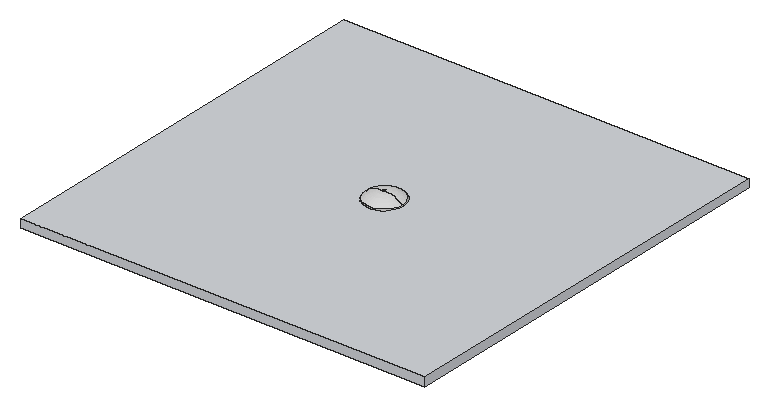
Revit family "Speaker-Ceiling-TOA-F-122 clean", category Communication Devices, host Face, Revit 2013
Parameters (values of type "5"")
  Width = Grille Diameter  # 9.05512"
  Weight Product = 8.16
  Voltage [instance] = 70 V
  URL = "http://www.toaelectronics.com"
  Type Comments = "F-122CU"
  Transformer Option = yes
  Sensitivity = 90
  SPL Measurement Bandwidth = "70 to 20kHz"
  Regulatory Compliance = "UL"
  Product Page URL = "http://www.toaelectronics.com/products/PA-Speakers/ceiling-speakers/f-series-ceiling-speakers/f-122cu-f-122cu2"
  Product Name = "F-122CU"
  Product Documentation Link = "http://www.toaelectronics.com/media/f122cu_sa1e.pdf"
  Power Factor [instance] = 0.9
  Mounting Options = "Ceiling Reinforcement Ring, Tile Bridge, Trim Ring, Surface Back-Can & Safety Wire"  # constant formula
  Model = Product Name  # "F-122CU"
  Maximum Ceiling Thickness = 1.457"  # constant formula
  Manufacturer URL = "http://www.toaelectronics.com"
  Long Term Power Handling = "120 W"
  Length 1 = Grille Radius - 0.11811"  # 4.40945"
  IQ Category = "Speaker"
  Highlight Material = Paint - TOA - White
  Height = 8.70079"
  Grille Radius = Grille Diameter / 2  # 4.52756"
  Operating Weight = 8.16 lbf
  Offset = 0.000"
  Number of Poles [instance] = 2
  Manufacturer = "TOA Electronics Inc."
  Load Classification = Other
  Grille Material = Mesh - TOA - White
  Grille Diameter = 9.05512"
  Grille Height = 1.61417"
  Description = "FULL-RANGE PROCESSED CEILING SPEAKER (5”)"
  Default Elevation = 48.000"
  Coverage Vertical = 180.00°
  Coverage Horizontal = 180.00°
  Clip Length = 0.500"
  Body Radius = Body Diameter / 2  # 3.93701"
  Enclosure Material = Metal - TOA - Steel Plate
  Body Diameter = 7.87402"
  Assembly Code = "E1020300"
  Apparent Load [instance] = 120 VA
  70V Taps = "30W, 15W, 5W, 1.5W & 0.5W"
  25V Taps = "3.7W, 1.9W, 0.6W, 0.2W & 0.06W"
Reference planes (in)
  plane 1 "Center (Front/Back)": y = 0
  plane 2: z = 0
  plane 3 "Center (Left/Right)": x = 0
  plane 4 "Left": x = -4.5275
  plane 5 "Right": x = 4.52762
  plane 6 "Front": y = -4.52756
  plane 7 "Back": y = 4.52756
  plane 8 "Bottom": z = 1.61417
  plane 9 "body left": x = -3.93695
  plane 10 "body right": x = 3.93707
  plane 11 "body front": y = -3.93701
  plane 12 "body back": y = 3.93701
  plane 13 "plate top": z = 0
  plane 14 "bofy top": z = -6.83661
  plane 15 "Speaker CL": x = 0.00006
  plane 16 "support front inside": y = -5.395
  plane 17: x = 0.00006
  plane 18: z = -0.7874
  plane 19 "2d bottom": z = 1.22047
  plane 20 "Top": z = -7.08661
Forms (in)
  Extrusion 1, solid
    sketch origin (0, 0, 0) x (1, 0, 0) y (0, 1, 0)
      loop
        line (-48, 48) -> (-48, -48) -> (48, -48) -> (48, 48) -> (-48, 48)
    from 0 to -2
  Extrusion 2, void
    sketch origin (0, 0, -2) x (0, 1, 0) y (-1, 0, 0)
      loop
        circle (0, -0.00006) r 3.93701
    from -6.202 to 3.61417
  Revolve 3, solid, material "Metal - TOA - Steel Plate" <- "Enclosure Material"
    sketch origin (0, 0, 0) x (1, 0, 0) y (0, 0, 1)
      loop
        line (0.00006, 1.61417) -> (-0.4024, 1.61417)
        arc (-0.4024, 1.61417) -> (-2.52103, 1.2547) -> (-4.4025, 0.21651) r 6.42294
        line (-4.4025, 0.21651) -> (-4.5275, 0) -> (0.00006, 0) -> (0.00006, 1.61417)
      axis (0.00006, 1.61417) -> (0.00006, 0)
    angle from 0 to 360
  Extrusion 4, solid, material "Metal - TOA - Steel Plate" <- "Enclosure Material"
    sketch origin (0, 0, 0) x (1, 0, 0) y (0, 1, 0)
      loop
        line (-3.00931, 0.71409) -> (-3.00931, -0.72433)
        arc (-3.00931, -0.72433) -> (-1.79668, -2.86738) -> (0.66483, -2.93146) r 2.5
        line (0.66483, -2.93146) -> (2.02439, -2.2082)
        arc (2.02439, -2.2082) -> (3.35025, 0.00473) -> (2.01412, 2.21148) r 2.5
        line (2.01412, 2.21148) -> (0.65456, 2.92665)
        arc (0.65456, 2.92665) -> (-1.80166, 2.85415) -> (-3.00931, 0.71409) r 2.5
    from -6.83661 to 0
  Extrusion 5, solid, material "Metal - TOA - Steel Plate" <- "Enclosure Material", detail levels medium+fine
    sketch origin (0, 0, 0) x (1, 0, 0) y (0, 1, 0)
      loop
        circle (0.00006, 0) r 3.93701
    from 0 to -0.7874
  Sweep 6, void
    path in 3D
      loop
        arc (2.01412, 2.21148, -6.83661) -> (3.35025, 0.00473, -6.83661) -> (2.02439, -2.2082, -6.83661) r 2.5
        line (2.02439, -2.2082, -6.83661) -> (0.66483, -2.93146, -6.83661)
        arc (0.66483, -2.93146, -6.83661) -> (-1.79668, -2.86738, -6.83661) -> (-3.00931, -0.72433, -6.83661) r 2.5
        line (-3.00931, -0.72433, -6.83661) -> (-3.00931, 0.71409, -6.83661)
        arc (-3.00931, 0.71409, -6.83661) -> (-1.80166, 2.85415, -6.83661) -> (0.65456, 2.92665, -6.83661) r 2.5
        line (0.65456, 2.92665, -6.83661) -> (2.01412, 2.21148, -6.83661)
    profile origin (1.33434, 2.56907, -6.83661) x (-0.465546, -0.885024, 0) y (0, 0, -1)
      loop
        line (0, 0) -> (0, -0.59055)
        arc (0, -0.59055) -> (0.17297, -0.17297) -> (0.59055, 0) r 0.59055
        line (0.59055, 0) -> (0, 0)
  Extrusion 7, solid, material "Metal - TOA - Steel Plate" <- "Enclosure Material", detail levels fine
    sketch origin (0.00006, 0, -6.83661) x (0.5, 0.866025, 0) y (0, 0, 1)
      loop
        line (2, 0) -> (2, -0.15)
        arc (2, -0.15) -> (1.98536, -0.18536) -> (1.95, -0.2) r 0.05
        line (1.95, -0.2) -> (1.75, -0.2) -> (1.75, -0.25) -> (1.95, -0.25)
        arc (1.95, -0.25) -> (2.02071, -0.22071) -> (2.05, -0.15) r 0.1
        line (2.05, -0.15) -> (2.05, 0) -> (2, 0)
    from -0.25 to 0.25
Cuts and joins
  Sweep 6 cuts Extrusion 4
Lines and regions (in)
  Masking region 1, detail levels medium+fine
    outline origin (0, 0, 1.514) x (-1, 0, 0) y (0, -1, 0)
      loop
        circle (-0.00006, 0) r 4.52756
  Masking region 2
    outline origin (0, 0, -6.83661) x (-1, 0, 0) y (0, -1, 0)
      loop
        circle (-0.00006, 0) r 3.93701
  Masking region 3
    outline origin (0, 0, 0) x (1, 0, 0) y (0, 0, 1)
      loop
        line (-3.00931, 0) -> (-3.00931, -6.24606)
        arc (-3.00931, -6.24606) -> (-2.83634, -6.66365) -> (-2.41876, -6.83661) r 0.59055
        line (-2.41876, -6.83661) -> (2.75971, -6.83661)
        arc (2.75971, -6.83661) -> (3.17729, -6.66365) -> (3.35026, -6.24606) r 0.59055
        line (3.35026, -6.24606) -> (3.35026, 0) -> (4.52762, 0) -> (4.40262, 0.21651)
        arc (4.40262, 0.21651) -> (0.00006, 1.6612) -> (-4.4025, 0.21651) r 7.43052
        line (-4.4025, 0.21651) -> (-4.5275, 0) -> (-3.00931, 0)
  Masking region 4
    outline origin (0.00006, 0, 0) x (0, 1, 0) y (0, 0, 1)
      loop
        line (3.21409, 0) -> (4.52756, 0) -> (4.40256, 0.21651)
        arc (4.40256, 0.21651) -> (0, 1.6612) -> (-4.40256, 0.21651) r 7.43052
        line (-4.40256, 0.21651) -> (-4.52756, 0) -> (-3.22433, 0) -> (-3.22433, -6.24606)
        arc (-3.22433, -6.24606) -> (-3.05136, -6.66365) -> (-2.63378, -6.83661) r 0.59055
        line (-2.63378, -6.83661) -> (2.62354, -6.83661)
        arc (2.62354, -6.83661) -> (3.04113, -6.66365) -> (3.21409, -6.24606) r 0.59055
        line (3.21409, -6.24606) -> (3.21409, 0)
  Masking region 5, detail levels medium+fine
    outline origin (0, 0, 0) x (1, 0, 0) y (0, 0, 1)
      loop
        line (-3.93695, 0) -> (-3.93695, -0.7874) -> (3.93707, -0.7874) -> (3.93707, 0) -> (-3.93695, 0)
  Masking region 6, detail levels medium+fine
    outline origin (0.00006, 0, 0) x (0, 1, 0) y (0, 0, 1)
      loop
        line (3.93701, 0) -> (-3.93701, 0) -> (-3.93701, -0.7874) -> (3.93701, -0.7874) -> (3.93701, 0)
  Masking region 7, detail levels medium+fine
    outline origin (0, 0, 1.22047) x (0, -1, 0) y (1, 0, 0)
      loop
        circle (0, 0.00006) r 4.52756
  Masking region 8, detail levels fine
    outline origin (0, 0, 0) x (1, 0, 0) y (0, 0, 1)
      loop
        line (0.78355, -6.83661) -> (0.78355, -7.03661) -> (0.65855, -7.03661) -> (0.65855, -7.08661) -> (1.24157, -7.08661) -> (1.24157, -6.83661) -> (0.78355, -6.83661)
  Masking region 9, detail levels fine
    outline origin (0.00006, 0, 0) x (0, 1, 0) y (0, 0, 1)
      loop
        line (1.90035, -6.83661) -> (1.60705, -6.83661) -> (1.60705, -7.03661) -> (1.39054, -7.03661) -> (1.39054, -7.08661) -> (1.90035, -7.08661) -> (1.90035, -6.83661)
  sketch lines
    curve 1: line (0.65456, 2.92665, -6.83661) -> (2.01412, 2.21148, -6.83661)
    curve 2: arc (0.65456, 2.92665, -6.83661) -> (-1.80166, 2.85415, -6.83661) -> (-3.00931, 0.71409, -6.83661) r 2.5
    curve 3: line (-3.00931, -0.72433, -6.83661) -> (-3.00931, 0.71409, -6.83661)
    curve 4: arc (-3.00931, -0.72433, -6.83661) -> (-1.79668, -2.86738, -6.83661) -> (0.66483, -2.93146, -6.83661) r 2.5
    curve 5: line (2.02439, -2.2082, -6.83661) -> (0.66483, -2.93146, -6.83661)
    curve 6: arc (2.02439, -2.2082, -6.83661) -> (3.35025, 0.00473, -6.83661) -> (2.01412, 2.21148, -6.83661) r 2.5
  symbolic lines, detail levels medium+fine
    curve 7: line (2.01412, 2.21148, -6.83661) -> (0.65456, 2.92665, -6.83661)
    curve 8: arc (0.65456, 2.92665, -6.83661) -> (-1.80166, 2.85415, -6.83661) -> (-3.00931, 0.71409, -6.83661) r 2.5
    curve 9: line (-3.00931, 0.71409, -6.83661) -> (-3.00931, -0.72433, -6.83661)
    curve 10: arc (-3.00931, -0.72433, -6.83661) -> (-1.79668, -2.86738, -6.83661) -> (0.66483, -2.93146, -6.83661) r 2.5
    curve 11: line (0.66483, -2.93146, -6.83661) -> (2.02439, -2.2082, -6.83661)
    curve 12: arc (2.02439, -2.2082, -6.83661) -> (3.35025, 0.00473, -6.83661) -> (2.01412, 2.21148, -6.83661) r 2.5
    curve 17: circle (0.00006, 0, 1.61417) r 4.40945 normal (0, 0, 1)
  symbolic lines
    curve 13: line (-4.4025, 0, 0.21651) -> (4.40262, 0, 0.21651)
    curve 14: line (-3.00931, 0, 0) -> (3.35026, 0, 0)
    curve 15: line (0.00006, 3.21409, 0) -> (0.00006, -3.22433, 0)
    curve 16: line (0.00006, 4.40256, 0.21651) -> (0.00006, -4.40256, 0.21651)
    curve 18: line (0.00006, 1.27467, -6.83661) -> (0.00006, -1.47533, -6.83661)
  reference lines, not visible
    curve 19: line (0.00006, 0, -6.83661) -> (1.00006, 1.73205, -6.83661)
  symbolic lines, detail levels fine
    curve 20: line (0.65855, 1.64054, -6.83661) -> (1.09157, 1.39054, -6.83661)
    curve 21: line (1.09157, 1.39054, -6.83661) -> (1.24157, 1.65035, -6.83661)
    curve 22: line (1.24157, 1.65035, -6.83661) -> (0.80855, 1.90035, -6.83661)
    curve 23: line (0.80855, 1.90035, -6.83661) -> (0.65855, 1.64054, -6.83661)
    curve 24: line (0.78355, 0, -7.03661) -> (1.21657, 0, -7.03661)
    curve 25: line (1.21657, 0, -7.03661) -> (1.21657, 0, -6.83661)
    curve 26: line (1.09157, 0, -7.03661) -> (1.09157, 0, -7.08661)
    curve 27: line (0.00006, 1.60705, -7.03661) -> (0.00006, 1.85705, -7.03661)
    curve 28: line (0.00006, 1.85705, -7.03661) -> (0.00006, 1.85705, -6.83661)
    curve 29: line (0.00006, 1.64054, -7.03661) -> (0.00006, 1.64054, -7.08661)
Dimensions and locks (in)
  equal spacing: plane 4 "Left", plane 15 "Speaker CL", plane 5 "Right"
  "Width": plane 4 "Left" to plane 5 "Right"
  equal spacing: plane 7 "Back", plane 1 "Center (Front/Back)", plane 6 "Front"
  "Width": plane 7 "Back" to plane 6 "Front"
  equal spacing: plane 9 "body left", plane 15 "Speaker CL", plane 10 "body right"
  "Body Diameter": plane 9 "body left" to plane 10 "body right"
  equal spacing: plane 12 "body back", plane 1 "Center (Front/Back)", plane 11 "body front"
  "Body Diameter": plane 12 "body back" to plane 11 "body front"
  "Grille Height": plane 8 "Bottom" to plane 13 "plate top"
  "Offset": plane 13 "plate top" to level
  Revolve 3 sketch curve to Revolve 3 sketch curve = 0.250"
  locked: level to plane 18 at 0.7874
  locked: plane 8 "Bottom" to plane 19 "2d bottom" at 0.3937
  locked: plane 14 "bofy top" to plane 20 "Top" at 0.25
  "Height": plane 8 "Bottom" to plane 20 "Top"
  locked: curve 19 to curve 19 at 2
  locked: Extrusion 7 sketch curve to Extrusion 7 sketch curve at 0.05  (x2)
  locked: Extrusion 7 sketch curve to curve 19 at 0.25
  locked: Extrusion 7 sketch curve to Extrusion 7 sketch curve at 0.3
  "Body Radius": radius of Extrusion 2 sketch curve
  "Grille Radius": radius of Masking region 1 sketch curve
  "Body Radius": radius of Masking region 2 sketch curve
  radius of Extrusion 4 sketch curve = 2.500"  (x3)
  "Body Radius": radius of Extrusion 5 sketch curve
  radius of Masking region 4 sketch curve = 0.59055"  (x2)
  "Grille Radius": radius of Masking region 7 sketch curve
  "Length 1": radius of curve 17
  locked: plane 1 "Center (Front/Back)" to curve 19 (angle 60.00°)
  aligned and locked: plane 2 to Extrusion 1
  aligned and locked: level to Extrusion 1
  aligned and locked: plane 15 "Speaker CL" to Extrusion 2 sketch curve
  aligned and locked: plane 1 "Center (Front/Back)" to Extrusion 2 sketch curve
  aligned and locked: plane 8 "Bottom" to Extrusion 2
  aligned and locked: Revolve 3 sketch curve to plane 15 "Speaker CL"
  aligned and locked: plane 13 "plate top" to Revolve 3 sketch curve
  aligned and locked: Revolve 3 sketch curve to Revolve 3 sketch curve
  aligned and locked: plane 4 "Left" to Revolve 3 sketch curve
  aligned and locked: plane 15 "Speaker CL" to plane 17
  aligned and locked: plane 15 "Speaker CL" to Masking region 1 sketch curve
  aligned and locked: plane 1 "Center (Front/Back)" to Masking region 1 sketch curve
  aligned and locked: plane 15 "Speaker CL" to Masking region 2 sketch curve
  aligned and locked: plane 1 "Center (Front/Back)" to Masking region 2 sketch curve
  aligned and locked: plane 13 "plate top" to Masking region 3 sketch curve
  aligned and locked: Masking region 3 sketch curve to plane 13 "plate top"
  aligned and locked: Masking region 3 sketch curve to plane 14 "bofy top"
  aligned and locked: plane 13 "plate top" to Masking region 4 sketch curve
  aligned and locked: Masking region 4 sketch curve to plane 13 "plate top"
  aligned and locked: plane 6 "Front" to Masking region 4 sketch curve
  aligned and locked: plane 7 "Back" to Masking region 4 sketch curve
  aligned and locked: plane 3 "Center (Left/Right)" to nested 1
  aligned and locked: Extrusion 4 to plane 14 "bofy top"
  aligned and locked: plane 13 "plate top" to Extrusion 4
  aligned and locked: plane 15 "Speaker CL" to Extrusion 5 sketch curve
  aligned and locked: plane 1 "Center (Front/Back)" to Extrusion 5 sketch curve
  aligned and locked: Extrusion 5 to level
  aligned and locked: Extrusion 5 to plane 18
  aligned and locked: plane 4 "Left" to Masking region 3 sketch curve
  aligned and locked: plane 5 "Right" to Masking region 3 sketch curve
  aligned and locked: plane 18 to Masking region 5 sketch curve
  aligned and locked: Masking region 5 sketch curve to plane 13 "plate top"
  aligned and locked: plane 9 "body left" to Masking region 5 sketch curve
  aligned and locked: Masking region 5 sketch curve to plane 10 "body right"
  aligned and locked: Masking region 4 sketch curve to plane 14 "bofy top"
  aligned and locked: Masking region 6 sketch curve to plane 12 "body back"
  aligned and locked: plane 11 "body front" to Masking region 6 sketch curve
  aligned and locked: Masking region 6 sketch curve to plane 13 "plate top"
  aligned and locked: plane 18 to Masking region 6 sketch curve
  aligned and locked: curve 8 to cut or joined group of Extrusion 4, Sweep 6
  aligned and locked: curve 10 to cut or joined group of Extrusion 4, Sweep 6
  aligned and locked: curve 12 to cut or joined group of Extrusion 4, Sweep 6
  aligned and locked: plane 17 to Masking region 7 sketch curve
  aligned and locked: plane 1 "Center (Front/Back)" to Masking region 7 sketch curve
  aligned and locked: plane 17 to curve 17
  aligned and locked: plane 1 "Center (Front/Back)" to curve 17
  aligned and locked: plane 15 "Speaker CL" to curve 19
  aligned and locked: plane 1 "Center (Front/Back)" to curve 19
  aligned and locked: Extrusion 7 sketch curve to curve 19  (x2)
  aligned and locked: curve 20 to Extrusion 7
  aligned and locked: curve 21 to Extrusion 7
  aligned and locked: curve 22 to Extrusion 7
  aligned and locked: curve 23 to Extrusion 7
  aligned and locked: Masking region 8 sketch curve to Extrusion 7  (x3)
  aligned and locked: Extrusion 7 to Masking region 8 sketch curve
  aligned and locked: Masking region 8 sketch curve to plane 20 "Top"
  aligned and locked: plane 14 "bofy top" to Masking region 8 sketch curve
  aligned and locked: curve 25 to Extrusion 7
  aligned and locked: plane 14 "bofy top" to Masking region 9 sketch curve
  aligned and locked: Masking region 9 sketch curve to Extrusion 7  (x4)
  aligned and locked: Masking region 9 sketch curve to plane 20 "Top"
  aligned and locked: curve 28 to Extrusion 7
Automatic sketch dimensions
  Extrusion 1 sketch curve to Extrusion 1 sketch curve = 96.000"  (x2)
  Revolve 3 sketch curve to plane 8 "Bottom" = 0.000"
  plane 4 "Left" to Revolve 3 sketch curve = 0.125"
  Revolve 3 sketch curve to plane 15 "Speaker CL" = 0.40246"
  Revolve 3 sketch curve to Revolve 3 sketch curve = 0.43138"
  Revolve 3 sketch curve to Revolve 3 sketch curve = 4.13199"
  plane 9 "body left" to Extrusion 4 sketch curve = 0.92764"
  plane 11 "body front" to Extrusion 4 sketch curve = 1.00555"
  plane 15 "Speaker CL" to Extrusion 4 sketch curve = 0.6545"
  plane 3 "Center (Left/Right)" to Extrusion 4 sketch curve = 0.66483"
  Extrusion 4 sketch curve to Extrusion 4 sketch curve = 1.35957"
  plane 1 "Center (Front/Back)" to Extrusion 4 sketch curve = 0.00108"
  plane 15 "Speaker CL" to Extrusion 4 sketch curve = 0.8502"
  Extrusion 4 sketch curve to Extrusion 4 sketch curve = 0.72326"
  Extrusion 4 sketch curve to plane 1 "Center (Front/Back)" = 0.71409"
  profile plane to Sweep 6 sketch curve = 0.000"
  Sweep 6 sketch curve to profile plane = 0.000"
  Sweep 6 sketch curve to profile plane = 0.59055"
  curve 11 to plane 10 "body right" = 1.91267"
  plane 15 "Speaker CL" to curve 7 = 0.6545"
  plane 15 "Speaker CL" to curve 11 = 0.66477"
  curve 8 to curve 7 = 0.71517"
  plane 4 "Left" to Masking region 3 sketch curve = 0.125"
  Masking region 3 sketch curve to plane 15 "Speaker CL" = 0.000"
  plane 9 "body left" to Masking region 3 sketch curve = 0.92764"
  Masking region 3 sketch curve to plane 5 "Right" = 0.125"
  level to Masking region 3 sketch curve = 0.21651"
  plane 6 "Front" to Masking region 4 sketch curve = 0.125"
  level to Masking region 4 sketch curve = 0.21651"
  Masking region 4 sketch curve to plane 1 "Center (Front/Back)" = 0.000"
  plane 11 "body front" to Masking region 4 sketch curve = 0.71268"
  Masking region 4 sketch curve to plane 12 "body back" = 1.31347"
  Masking region 4 sketch curve to plane 7 "Back" = 0.125"
  plane 9 "body left" to Masking region 3 sketch curve = 1.51819"
  Masking region 3 sketch curve to plane 10 "body right" = 0.58681"
  plane 14 "bofy top" to Masking region 3 sketch curve = 1.06729"
  plane 14 "bofy top" to Masking region 4 sketch curve = 1.06729"
  plane 14 "bofy top" to Masking region 3 sketch curve = 0.59055"
  Extrusion 7 sketch curve to curve 19 = 0.150"
  Extrusion 7 sketch curve to curve 19 = 0.050"
  curve 14 to level = 0.000"
  curve 26 to plane 20 "Top" = 0.000"
  curve 25 to plane 14 "bofy top" = 0.000"
  plane 4 "Left" to curve 13 = 0.125"
  plane 9 "body left" to curve 14 = 0.92764"
  curve 24 to curve 24 = 0.43301"
  curve 26 to curve 24 = 0.125"
  curve 14 to plane 10 "body right" = 0.58681"
  curve 13 to plane 5 "Right" = 0.125"
  plane 20 "Top" to curve 26 = 0.050"
  level to curve 13 = 0.21651"
  plane 20 "Top" to curve 27 = 0.050"
  curve 15 to level = 0.000"
  curve 18 to plane 14 "bofy top" = 0.000"
  curve 29 to plane 20 "Top" = 0.000"
  curve 28 to plane 14 "bofy top" = 0.000"
  plane 6 "Front" to curve 16 = 0.125"
  plane 11 "body front" to curve 15 = 0.71268"
  plane 1 "Center (Front/Back)" to curve 18 = 1.47533"
  curve 18 to curve 28 = 0.58238"
  curve 27 to curve 27 = 0.250"
  curve 27 to curve 29 = 0.03349"
  curve 15 to plane 12 "body back" = 0.72291"
  curve 16 to plane 7 "Back" = 0.125"
  level to curve 16 = 0.21651"
Nested families (in)
  nested 1: "Speaker_Symbol_Face_Based" at (0, 0, 0), type "Speaker Symbol", detail levels coarse
    with Wall Mounted no, Symbol Y Offset 0.000", Symbol X Offset 0.000", Length 2 100.000", Length 1 100.000"
Connectors (in)
  electrical at (0, 0, -6.83661), driven by "Number of Poles", driven by "Load Classification", driven by "Voltage", driven by "Apparent Load", driven by "Power Factor"
    settings: index 1, voltage 70 V, apparent load 120 VA, apparent load phase1 0 VA, apparent load phase2 0 VA, apparent load phase3 0 VA, power factor 0.9, load classification "Other", number of poles 2, system type 30, power factor state 1, is connector primary yes, connector utility no, sub classification motor no, connector description "Power"
Definition of nested family "Speaker_Symbol_Face_Based"
  Parameters (values of type "Speaker Symbol")
    Wall Mounted [instance] = no
    Symbol Y Offset [instance] = 0.000"
    Symbol X Offset [instance] = 0.000"
    Length 2 [instance] = 100.000" + Symbol Y Offset  # 100.000"
    Length 1 [instance] = Symbol X Offset + 100.000"  # 100.000"
    Default Elevation = 48.000"
  Reference planes (in)
    plane 1 "Center (Front/Back)": y = 0
    plane 2: z = 0
    plane 3 "Center (Left/Right)": x = 0
    plane 4 "pivot x": x = -100
    plane 5 "symbol x cl": x = 0
    plane 6 "pivot y": y = -100
    plane 7 "symbol y cl": y = 0
  Forms (in)
    Extrusion 1, solid
      sketch origin (0, 0, 0) x (1, 0, 0) y (0, 1, 0)
        loop
          line (-48, 48) -> (-48, -48) -> (48, -48) -> (48, 48) -> (-48, 48)
      from 0 to -12
  Dimensions and locks (in)
    locked: plane 4 "pivot x" to plane 3 "Center (Left/Right)" at 100
    "Length 1": plane 4 "pivot x" to plane 5 "symbol x cl"
    locked: plane 1 "Center (Front/Back)" to plane 6 "pivot y" at 100
    "Length 2": plane 7 "symbol y cl" to plane 6 "pivot y"
    aligned and locked: plane 2 to Extrusion 1
    aligned and locked: level to Extrusion 1
    aligned and locked: plane 5 "symbol x cl" to nested 1
    aligned and locked: nested 1 to plane 7 "symbol y cl"
  Automatic sketch dimensions
    Extrusion 1 sketch curve to Extrusion 1 sketch curve = 96.000"  (x2)
  Nested families (in)
    nested 1: "Speaker_Symbol" at (0, 0, 0), Wall Mounted <- "Wall Mounted", type "S"
      with Wall Mounted no, Not Wall Mounted yes, Length 1 0.000"
  Definition of nested family "Speaker_Symbol"
    Parameters (values of type "S")
      Wall Mounted [instance] = yes
      Symbol Text = "SP"
      Symbol Radius = 0.1875"
      Not Wall Mounted [instance] = not(Wall Mounted)  # no
      Length 1 [instance] = if(Wall Mounted, 0.250", 0.000")  # 0.250"
    Reference planes (in)
      plane 1: y = 0
      plane 2: x = 0
    Lines and regions (in)
      Masking region 1
        outline origin (0, 0, 0) x (1, 0, 0) y (0, 1, 0)
          loop
            circle (0, 0.25) r 0.1875
      detail lines, visible <- "Wall Mounted"
        curve 1: line (-0.125, 0, 0) -> (0.125, 0, 0)
        curve 2: line (0, 0, 0) -> (0, 0.0625, 0)
    Text (in)
      label "S" at (0.00112, 0.31502, 0), shows "Symbol Text", visible <- "Wall Mounted"
      label "S" at (0.00112, 0.07558, 0), shows "Symbol Text", visible <- "Not Wall Mounted"
    Dimensions and locks (in)
      "Length 1": plane 1 to Masking region 1 sketch curve
      "Symbol Radius": radius of Masking region 1 sketch curve
      aligned and locked: plane 2 to Masking region 1 sketch curve
      aligned and locked: curve 1 to curve 2
      aligned and locked: curve 2 to plane 2
      aligned and locked: plane 1 to curve 1
    Automatic sketch dimensions
      curve 1 to plane 2 = 0.125"
      plane 2 to curve 1 = 0.125"
      curve 2 to curve 2 = 0.0625"
